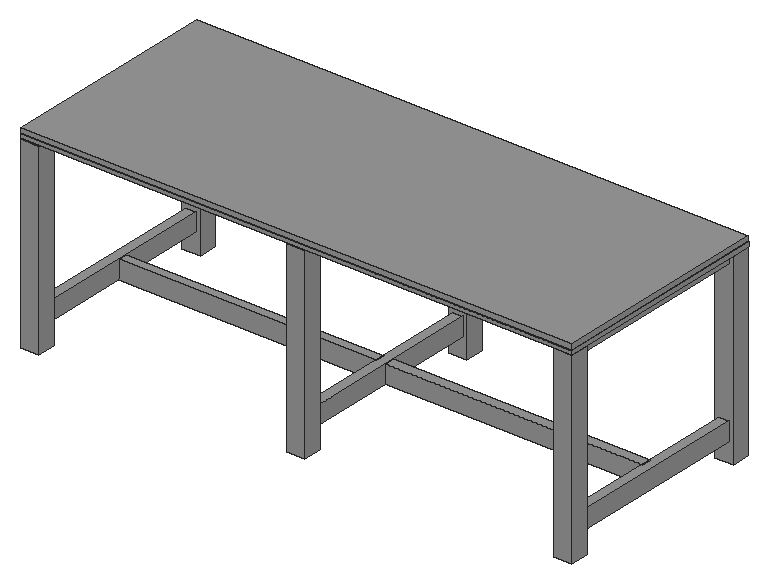
Revit family "GD10 3000-4000  x 1070 High Tables", category Furniture, Revit 2016
Family settings
  OmniClass Number = 23.40.20.00
  OmniClass Title = General Furniture and Specialties
  Work Plane-Based = No
  Always vertical = Yes
  Cut with Voids When Loaded = No
  Shared = No
  Room Calculation Point = No
Parameters (values of type "3000 x 1200 x 1070")
  Width = 3000 mm
  URL = "www.gof.co.uk"
  Table Top = Gresham - SOLID OAK
  Range = "GD10"
  Rails Control [instance] = if(Depth < 1200 mm, 300 mm, (if(Depth > 900 mm, 340 mm, Depth)))  # 340 mm
  Product Code = "GD10H1"
  Manufacturer = "Gresham Office Furniture"  # constant formula
  Height = 1070 mm
  Frame = Gresham - SOLID OAK
  Depth = 1200 mm
  Cross Rails Control [instance] = if(Width < 3999 mm, 488 mm, (if(Width = 4000 mm, 688 mm, 688 mm)))  # 488 mm
  Assembly Code = "E2020200"
  1100 High Bottom Rail = yes
Types (5, lengths in mm): name | Width | Rails Control | Product Code | Depth | Cross Rails Control
  (no name) | 3000 | 340 | "GD10H1" | 1200 | 488
  3000 x 900 x 1070 | 3000 | 300 | "GD10G1" | 900 | 488
  3000 x 1200 x 1070 | 3000 | 340 | "GD10H1" | 1200 | 488
  4000 x 900 x 1070 | 4000 | 300 | "GD10G2" | 900 | 688
  4000 x 1200 x 1070 | 4000 | 340 | "GD10H2" | 1200 | 688
Reference planes
  plane 1 "Center (Front/Back)": y = 0
  plane 2: z = 0
  plane 3 "Center (Left/Right)": x = 0
  plane 4: x = 1500
  plane 5: x = -1500
  plane 6: y = 600
  plane 7: y = -600
  plane 8 "Table Underside": z = 1045
  plane 9 "Height": z = 1070
Forms (mm)
  Extrusion 1, solid, material "Gresham - SOLID OAK" <- "Table Top"
    sketch origin (0, 0, 1045) x (-1, 0, 0) y (0, -1, 0)
      loop
        line (-1500, -600) -> (1500, -600) -> (1500, 600) -> (-1500, 600) -> (-1500, -600)
    from 0 to 25
  Extrusion 2, solid, material "Gresham - SOLID OAK" <- "Frame"
    sketch origin (-377.446, 134.939, -0.834) x (0, 1, 0) y (0, 0, 1)
      loop
        line (75.061, 1045.834) -> (75.061, 970.834) -> (125.061, 970.834) -> (125.061, 1045.834) -> (75.061, 1045.834)
    from -1047.554 to 1802.446
  Extrusion 3, solid, material "Gresham - SOLID OAK" <- "Frame"
    sketch origin (-377.446, -134.939, -0.834) x (0, -1, 0) y (0, 0, -1)
      loop
        line (75.061, -1045.834) -> (125.061, -1045.834) -> (125.061, -970.834) -> (75.061, -970.834) -> (75.061, -1045.834)
    from -1047.554 to 1802.446
  Extrusion 4, solid, material "Gresham - SOLID OAK" <- "Frame"
    sketch origin (910.572, -1.847, 0) x (1, 0, 0) y (0, 1, 0)
      loop
        line (76.428, 576.847) -> (76.428, -573.153) -> (101.428, -573.153) -> (101.428, 576.847) -> (76.428, 576.847)
    from 1020 to 1045
  Extrusion 5, solid, material "Gresham - SOLID OAK" <- "Frame"
    sketch origin (0, 0, 0) x (1, 0, 0) y (0, 1, 0)
      loop
        line (1500, 600) -> (-1500, 600) -> (-1500, -600) -> (1500, -600) -> (1500, 600)
      loop
        line (1475, 575) -> (-1475, 575) -> (-1475, -575) -> (1475, -575) -> (1475, 575)
    from 1020 to 1040
  Extrusion 6, solid, material "Gresham - SOLID OAK" <- "Frame"
    sketch origin (0, 0, 0) x (1, 0, 0) y (0, 1, 0)
      loop
        line (1495, -595) -> (1495, 595) -> (-1495, 595) -> (-1495, -595) -> (1495, -595)
      loop
        line (1475, 575) -> (-1475, 575) -> (-1475, -575) -> (1475, -575) -> (1475, 575)
    from 1020 to 1045
  Extrusion 7, solid, material "Gresham - SOLID OAK" <- "Frame"
    sketch origin (250.572, -1.847, 0) x (1, 0, 0) y (0, 1, 0)
      loop
        line (237.428, 576.847) -> (237.428, -573.153) -> (262.428, -573.153) -> (262.428, 576.847) -> (237.428, 576.847)
    from 1020 to 1045
  Extrusion 8, solid, material "Gresham - SOLID OAK" <- "Frame"
    sketch origin (-910.572, -1.847, 0) x (-1, 0, 0) y (0, -1, 0)
      loop
        line (76.428, -576.847) -> (101.428, -576.847) -> (101.428, 573.153) -> (76.428, 573.153) -> (76.428, -576.847)
    from 1020 to 1045
  Extrusion 9, solid, material "Gresham - SOLID OAK" <- "Frame"
    sketch origin (-250.572, -1.847, 0) x (-1, 0, 0) y (0, -1, 0)
      loop
        line (237.428, -576.847) -> (262.428, -576.847) -> (262.428, 573.153) -> (237.428, 573.153) -> (237.428, -576.847)
    from 1020 to 1045
  Extrusion 10, solid, material "Gresham - SOLID OAK" <- "Frame", visible <- "1100 High Bottom Rail"
    sketch origin (-432.197, -9.939, -0.834) x (0, -1, 0) y (0, 0, -1)
      loop
        line (-34.939, -205.834) -> (15.061, -205.834) -> (15.061, -105.834) -> (-34.939, -105.834) -> (-34.939, -205.834)
    from -992.803 to 407.197
  Extrusion 11, solid, material "Gresham - SOLID OAK" <- "Frame", visible <- "1100 High Bottom Rail"
    sketch origin (432.197, -9.939, -0.834) x (0, -1, 0) y (0, 0, 1)
      loop
        line (-34.939, 205.834) -> (-34.939, 105.834) -> (15.061, 105.834) -> (15.061, 205.834) -> (-34.939, 205.834)
    from -992.803 to 407.197
Dimensions and locks
  equal spacing: plane 5, plane 3 "Center (Left/Right)", plane 4
  "Width": plane 5 to plane 4
  equal spacing: plane 7, plane 1 "Center (Front/Back)", plane 6
  "Depth": plane 7 to plane 6
  "Height": plane 9 "Height" to level
  locked: Extrusion 2 to plane 4 at 75
  locked: plane 5 to Extrusion 2 at 75
  locked: Extrusion 2 to Extrusion 2 at 50
  locked: Extrusion 2 to Extrusion 1 at 75
  locked: Extrusion 3 to Extrusion 3 at 50
  locked: Extrusion 3 to Extrusion 1 at 75
  "Rails Control": Extrusion 2 to plane 6
  "Rails Control": Extrusion 3 to plane 7
  plane 1 "Center (Front/Back)" to Extrusion 2 = 210 mm
  Extrusion 3 to plane 1 "Center (Front/Back)" = 210 mm
  locked: Extrusion 4 to Extrusion 4 at 25  (x2)
  locked: Extrusion 4 to plane 6 at 25
  locked: Extrusion 4 to plane 7 at 25
  nested 2 to Extrusion 5 = 5 mm
  plane 8 "Table Underside" to Extrusion 5 = 5 mm
  Extrusion 6 to plane 4 = 5 mm
  Extrusion 6 to Extrusion 6 = 20 mm  (x3)
  plane 7 to Extrusion 6 = 5 mm
  plane 5 to Extrusion 6 = 5 mm
  locked: plane 8 "Table Underside" to Extrusion 5 at 5
  locked: plane 9 "Height" to plane 8 "Table Underside" at 25
  locked: Extrusion 5 to Extrusion 5 at 20
  Extrusion 6 to nested 2 = 30 mm
  locked: Extrusion 6 to Extrusion 6 at 25
  "Cross Rails Control": Extrusion 4 to plane 4
  locked: Extrusion 7 to Extrusion 7 at 25  (x2)
  "Cross Rails Control": plane 3 "Center (Left/Right)" to Extrusion 7
  locked: Extrusion 8 to Extrusion 8 at 25  (x2)
  locked: Extrusion 9 to Extrusion 9 at 25  (x2)
  "Cross Rails Control": Extrusion 9 to plane 3 "Center (Left/Right)"
  "Cross Rails Control": plane 5 to Extrusion 8
  locked: Extrusion 10 to Extrusion 10 at 50
  locked: Extrusion 11 to Extrusion 11 at 50
  aligned and locked: level to plane 2
  aligned and locked: Extrusion 1 to plane 9 "Height"
  aligned and locked: plane 8 "Table Underside" to Extrusion 1
  aligned and locked: Extrusion 3 to Extrusion 2
  aligned and locked: Extrusion 2 to Extrusion 3
  aligned and locked: nested 2 to plane 8 "Table Underside"  (x2)
  aligned and locked: plane 8 "Table Underside" to Extrusion 6
  aligned and locked: plane 8 "Table Underside" to Extrusion 4
  aligned and locked: plane 8 "Table Underside" to nested 1
  aligned and locked: plane 8 "Table Underside" to Extrusion 7
  aligned and locked: plane 8 "Table Underside" to Extrusion 9
  aligned and locked: plane 8 "Table Underside" to Extrusion 8
  aligned and locked: Extrusion 2 to Extrusion 10
  aligned and locked: Extrusion 10 to nested 3
  aligned and locked: Extrusion 11 to nested 3
  aligned and locked: Extrusion 11 to Extrusion 2
Automatic sketch dimensions
  Extrusion 1 sketch curve to plane 4 = 0 mm
  Extrusion 1 sketch curve to plane 5 = 0 mm
  plane 6 to Extrusion 1 sketch curve = 0 mm
  plane 7 to Extrusion 1 sketch curve = 0 mm
  Extrusion 2 sketch curve to plane 8 "Table Underside" = 0 mm
  Extrusion 2 sketch curve to plane 1 "Center (Front/Back)" = 210 mm
  Extrusion 2 sketch curve to Extrusion 2 sketch curve = 50 mm
  Extrusion 2 sketch curve to Extrusion 2 sketch curve = 75 mm
  Extrusion 3 sketch curve to plane 8 "Table Underside" = 0 mm
  plane 1 "Center (Front/Back)" to Extrusion 3 sketch curve = 210 mm
  Extrusion 3 sketch curve to Extrusion 3 sketch curve = 50 mm
  Extrusion 3 sketch curve to Extrusion 3 sketch curve = 75 mm
  plane 7 to Extrusion 4 sketch curve = 25 mm
  Extrusion 4 sketch curve to plane 4 = 513 mm
  Extrusion 4 sketch curve to Extrusion 4 sketch curve = 25 mm
  plane 6 to Extrusion 4 sketch curve = 25 mm
  Extrusion 5 sketch curve to plane 5 = 0 mm
  Extrusion 5 sketch curve to plane 4 = 0 mm
  Extrusion 5 sketch curve to plane 7 = 0 mm
  plane 6 to Extrusion 5 sketch curve = 0 mm
  plane 5 to Extrusion 5 sketch curve = 25 mm
  Extrusion 5 sketch curve to plane 4 = 25 mm
  plane 7 to Extrusion 5 sketch curve = 25 mm
  plane 6 to Extrusion 5 sketch curve = 25 mm
  plane 5 to Extrusion 6 sketch curve = 5 mm
  plane 5 to Extrusion 6 sketch curve = 25 mm
  Extrusion 6 sketch curve to plane 4 = 25 mm
  Extrusion 6 sketch curve to plane 4 = 5 mm
  plane 7 to Extrusion 6 sketch curve = 5 mm
  plane 7 to Extrusion 6 sketch curve = 25 mm
  plane 6 to Extrusion 6 sketch curve = 25 mm
  plane 6 to Extrusion 6 sketch curve = 5 mm
  plane 7 to Extrusion 7 sketch curve = 25 mm
  plane 3 "Center (Left/Right)" to Extrusion 7 sketch curve = 488 mm
  Extrusion 7 sketch curve to Extrusion 7 sketch curve = 25 mm
  plane 6 to Extrusion 7 sketch curve = 25 mm
  Extrusion 8 sketch curve to plane 7 = 25 mm
  Extrusion 8 sketch curve to plane 5 = 513 mm
  Extrusion 8 sketch curve to Extrusion 8 sketch curve = 25 mm
  Extrusion 8 sketch curve to plane 6 = 25 mm
  Extrusion 9 sketch curve to plane 7 = 25 mm
  plane 3 "Center (Left/Right)" to Extrusion 9 sketch curve = 488 mm
  Extrusion 9 sketch curve to Extrusion 9 sketch curve = 25 mm
  Extrusion 9 sketch curve to plane 6 = 25 mm
  Extrusion 10 sketch curve to plane 1 "Center (Front/Back)" = 25 mm
  plane 1 "Center (Front/Back)" to Extrusion 10 sketch curve = 25 mm
  level to Extrusion 10 sketch curve = 205 mm
  Extrusion 10 sketch curve to Extrusion 10 sketch curve = 100 mm
  Extrusion 11 sketch curve to plane 1 "Center (Front/Back)" = 25 mm
  plane 1 "Center (Front/Back)" to Extrusion 11 sketch curve = 25 mm
  level to Extrusion 11 sketch curve = 105 mm
  Extrusion 11 sketch curve to Extrusion 11 sketch curve = 100 mm
Nested families
  nested 1: "GD10 Legs" at (0, 0, 0), type "GD10 Legs"
    with Width 3000 mm, Height 1070 mm, Depth 1200 mm
  nested 2: "GD10 Legs" at (0, 0, 0) x (-1, 0, 0) z (0, 0, 1), type "GD10 Legs"
    with Width 3000 mm, Height 1070 mm, Depth 1200 mm
  nested 3: "GD10 Central Leg" at (0, 0, 0), type "GD10 Central Leg"
    with Width 3000 mm, Depth 1200 mm
Definition of nested family "GD10 Legs"
  Parameters (values of type "GD10 Legs")
    Width = 1600 mm
    URL = "www.gof.co.uk"
    Table Top = none
    Range = "GD10"
    Product Code = ""
    Metal Plate = none
    Manufacturer = "Gresham Office Furniture"  # constant formula
    Height = 1000 mm
    Frame = none
    Depth = 900 mm
    Assembly Code = "E2020200"
  Reference planes
    plane 1 "Center (Front/Back)": y = 0
    plane 2: z = 0
    plane 3 "Center (Left/Right)": x = 0
    plane 4: x = 800
    plane 5: x = -800
    plane 6: y = 450
    plane 7: y = -450
    plane 8 "Table Underside": z = 975
    plane 9 "Height": z = 1000
    plane 10: z = 945
  Forms (mm)
    Extrusion 1, solid, material <- "Frame"
      sketch origin (0, -5, 0) x (1, 0, 0) y (0, 1, 0)
        loop
          line (800, 455) -> (700, 455) -> (700, 355) -> (800, 355) -> (800, 455)
      from 0 to 945
    Extrusion 2, solid, material <- "Frame"
      sketch origin (0, -2.338, 945) x (1, 0, 0) y (0, 1, 0)
        loop
          line (700, 352.338) -> (795, 352.338) -> (795, 447.338) -> (700, 447.338) -> (700, 352.338)
      from 0 to 5
    Extrusion 3, solid, material <- "Frame"
      sketch origin (0, -2.338, 950) x (1, 0, 0) y (0, 1, 0)
        loop
          line (700, 352.338) -> (775, 352.338) -> (775, 427.338) -> (700, 427.338) -> (700, 352.338)
      from 0 to 19
    Extrusion 4, solid, material <- "Frame"
      sketch origin (0, 5, 0) x (1, 0, 0) y (0, 1, 0)
        loop
          line (800, -455) -> (800, -355) -> (700, -355) -> (700, -455) -> (800, -455)
      from 0 to 945
    Extrusion 5, solid, material <- "Frame"
      sketch origin (0, 2.338, 945) x (1, 0, 0) y (0, 1, 0)
        loop
          line (700, -352.338) -> (700, -447.338) -> (795, -447.338) -> (795, -352.338) -> (700, -352.338)
      from 0 to 5
    Extrusion 6, solid, material <- "Frame"
      sketch origin (0, 2.338, 950) x (1, 0, 0) y (0, 1, 0)
        loop
          line (700, -352.338) -> (700, -427.338) -> (775, -427.338) -> (775, -352.338) -> (700, -352.338)
      from 0 to 19
    Extrusion 7, solid, material <- "Metal Plate"
      sketch origin (-45, 2.338, 969) x (1, 0, 0) y (0, 1, 0)
        loop
          line (700, -307.182) -> (700, -427.338) -> (820, -427.338) -> (820, -307.182) -> (700, -307.182)
      from 0 to 6
    Extrusion 8, solid, material <- "Frame"
      sketch origin (825, 350, 105) x (0, 0, 1) y (0, -1, 0)
        loop
          line (0, 0) -> (100, 0) -> (100, 700) -> (0, 700) -> (0, 0)
        loop
          line (795, 0) -> (864, 0) -> (864, 45.156) -> (870, 45.156) -> (870, 654.844) -> (864, 654.844) -> (864, 700) -> (795, 700) -> (795, 0)
      from -100 to -50
    Extrusion 9, solid, material <- "Metal Plate"
      sketch origin (0, 0, 0) x (1, 0, 0) y (0, 1, 0)
        loop
          line (775, 425) -> (655, 425) -> (655, 304.844) -> (775, 304.844) -> (775, 425)
      from 969 to 975
  Cuts and joins
    joined: Extrusion 1, Extrusion 2
  Dimensions and locks
    equal spacing: plane 5, plane 3 "Center (Left/Right)", plane 4
    "Width": plane 5 to plane 4
    equal spacing: plane 7, plane 1 "Center (Front/Back)", plane 6
    "Depth": plane 7 to plane 6
    "Height": plane 9 "Height" to level
    cut or joined group of Extrusion 1, Extrusion 2 to cut or joined group of Extrusion 1, Extrusion 2 = 100 mm  (x2)
    Extrusion 4 to Extrusion 4 = 100 mm  (x2)
    plane 9 "Height" to plane 8 "Table Underside" to plane 10 = 25 mm locked, 30 mm locked
    locked: Extrusion 8 to plane 4 at 25
    locked: Extrusion 8 to Extrusion 8 at 50
    locked: Extrusion 9 to Extrusion 9 at 6
    locked: Extrusion 7 to Extrusion 7 at 6
    locked: Extrusion 8 to level at 105
    aligned and locked: level to plane 2
    aligned and locked: plane 8 "Table Underside" to Extrusion 8
    aligned and locked: cut or joined group of Extrusion 1, Extrusion 2 to Extrusion 4
    aligned and locked: Extrusion 4 to plane 10
    aligned and locked: Extrusion 9 to Extrusion 3
  Automatic sketch dimensions
    plane 6 to Extrusion 1 sketch curve = 0 mm
    Extrusion 1 sketch curve to plane 4 = 0 mm
    Extrusion 1 sketch curve to plane 4 = 100 mm
    Extrusion 1 sketch curve to Extrusion 1 sketch curve = 100 mm
    Extrusion 2 sketch curve to Extrusion 1 = 0 mm
    Extrusion 1 to Extrusion 2 sketch curve = 0 mm
    Extrusion 2 sketch curve to Extrusion 1 = 5 mm  (x2)
    Extrusion 3 sketch curve to Extrusion 2 = 0 mm
    Extrusion 2 to Extrusion 3 sketch curve = 0 mm
    Extrusion 3 sketch curve to Extrusion 2 = 20 mm  (x2)
    Extrusion 4 sketch curve to plane 7 = 0 mm
    Extrusion 4 sketch curve to plane 4 = 0 mm
    plane 4 to Extrusion 4 sketch curve = 100 mm
    Extrusion 4 sketch curve to Extrusion 4 sketch curve = 100 mm
    Extrusion 5 sketch curve to Extrusion 4 = 0 mm  (x2)
    Extrusion 4 to Extrusion 5 sketch curve = 5 mm  (x2)
    Extrusion 6 sketch curve to Extrusion 5 = 0 mm  (x2)
    Extrusion 5 to Extrusion 6 sketch curve = 20 mm  (x2)
    Extrusion 8 sketch curve to plane 8 "Table Underside" = 0 mm
    Extrusion 8 sketch curve to plane 8 "Table Underside" = 6 mm  (x2)
    plane 10 to Extrusion 8 sketch curve = 45 mm
    plane 6 to Extrusion 8 sketch curve = 100 mm  (x2)
    level to Extrusion 8 sketch curve = 205 mm
    Extrusion 8 sketch curve to Extrusion 8 sketch curve = 100 mm
    Extrusion 8 sketch curve to Extrusion 8 sketch curve = 45.156 mm  (x2)
    plane 7 to Extrusion 8 sketch curve = 145.156 mm
    plane 7 to Extrusion 8 sketch curve = 100 mm
    Extrusion 7 sketch curve to Extrusion 6 = 0 mm  (x2)
    Extrusion 7 sketch curve to Extrusion 6 = 45 mm
    Extrusion 7 sketch curve to Extrusion 6 = 45.156 mm
    plane 6 to Extrusion 9 sketch curve = 25 mm
    Extrusion 9 sketch curve to plane 4 = 145 mm
    Extrusion 9 sketch curve to plane 4 = 25 mm
    Extrusion 9 sketch curve to Extrusion 9 sketch curve = 120.156 mm
Definition of nested family "GD10 Central Leg"
  Parameters (values of type "GD10 Central Leg")
    Width = 1600 mm
    URL = "www.gof.co.uk"
    Range = "GD10"
    Product Code = ""
    Metal Plate = none
    Manufacturer = "Gresham Office Furniture"  # constant formula
    Height = 1070 mm
    Frame = none
    Depth = 900 mm
    Assembly Code = "E2020200"
  Reference planes
    plane 1 "Center (Front/Back)": y = 0
    plane 2: z = 0
    plane 3 "Center (Left/Right)": x = 0
    plane 4: x = 800
    plane 5: x = -800
    plane 6: y = 450
    plane 7: y = -450
    plane 8 "Table Underside": z = 1045
    plane 9 "Height": z = 1070
    plane 10: z = 1015
  Forms (mm)
    Extrusion 1, solid, material <- "Frame"
      sketch origin (-750, -5, 0) x (1, 0, 0) y (0, 1, 0)
        loop
          line (800, 455) -> (700, 455) -> (700, 355) -> (800, 355) -> (800, 455)
      from 0 to 1015
    Extrusion 2, solid, material <- "Frame"
      sketch origin (-750, -2.338, 1015) x (1, 0, 0) y (0, 1, 0)
        loop
          line (700, 352.338) -> (800, 352.338) -> (800, 447.338) -> (700, 447.338) -> (700, 352.338)
      from 0 to 5
    Extrusion 3, solid, material <- "Frame"
      sketch origin (-750, -2.338, 1020) x (1, 0, 0) y (0, 1, 0)
        loop
          line (700, 352.338) -> (800, 352.338) -> (800, 427.338) -> (700, 427.338) -> (700, 352.338)
      from 0 to 19
    Extrusion 4, solid, material <- "Frame"
      sketch origin (-750, 5, 0) x (1, 0, 0) y (0, 1, 0)
        loop
          line (800, -455) -> (800, -355) -> (700, -355) -> (700, -455) -> (800, -455)
      from 0 to 1015
    Extrusion 5, solid, material <- "Frame"
      sketch origin (-750, 2.338, 1015) x (1, 0, 0) y (0, 1, 0)
        loop
          line (700, -352.338) -> (700, -447.338) -> (800, -447.338) -> (800, -352.338) -> (700, -352.338)
      from 0 to 5
    Extrusion 6, solid, material <- "Frame"
      sketch origin (-750, 2.338, 1020) x (1, 0, 0) y (0, 1, 0)
        loop
          line (700, -352.338) -> (700, -427.338) -> (800, -427.338) -> (800, -352.338) -> (700, -352.338)
      from 0 to 19
    Extrusion 7, solid, material <- "Frame"
      sketch origin (75, 350, 105) x (0, 0, 1) y (0, -1, 0)
        loop
          line (0, 0) -> (100, 0) -> (100, 700) -> (0, 700) -> (0, 0)
        loop
          line (865, 0) -> (934, 0) -> (934, 45.156) -> (940, 45.156) -> (940, 654.844) -> (934, 654.844) -> (934, 700) -> (865, 700) -> (865, 0)
      from -100 to -50
    Extrusion 8, solid, material <- "Metal Plate"
      sketch origin (-750, 0.156, 0) x (1, 0, 0) y (0, 1, 0)
        loop
          line (845, 425) -> (655, 425) -> (655, 304.844) -> (845, 304.844) -> (845, 425)
      from 1039 to 1045
    Extrusion 9, solid, material <- "Metal Plate"
      sketch origin (-750, 0, 0) x (1, 0, 0) y (0, 1, 0)
        loop
          line (845, -425) -> (845, -304.844) -> (655, -304.844) -> (655, -425) -> (845, -425)
      from 1039 to 1045
  Cuts and joins
    joined: Extrusion 1, Extrusion 2
  Dimensions and locks
    equal spacing: plane 5, plane 3 "Center (Left/Right)", plane 4
    "Width": plane 5 to plane 4
    equal spacing: plane 7, plane 1 "Center (Front/Back)", plane 6
    "Depth": plane 7 to plane 6
    "Height": plane 9 "Height" to level
    cut or joined group of Extrusion 1, Extrusion 2 to cut or joined group of Extrusion 1, Extrusion 2 = 100 mm  (x2)
    Extrusion 4 to Extrusion 4 = 100 mm  (x2)
    plane 9 "Height" to plane 8 "Table Underside" to plane 10 = 25 mm locked, 30 mm locked
    locked: Extrusion 7 to Extrusion 7 at 50
    locked: Extrusion 8 to Extrusion 8 at 6
    locked: Extrusion 7 to level at 105
    locked: Extrusion 9 to Extrusion 9 at 6
    aligned and locked: level to plane 2
    aligned and locked: plane 8 "Table Underside" to Extrusion 7
    aligned and locked: cut or joined group of Extrusion 1, Extrusion 2 to Extrusion 4
    aligned and locked: Extrusion 4 to plane 10
    aligned and locked: Extrusion 8 to Extrusion 3
    aligned and locked: plane 8 "Table Underside" to Extrusion 9
    aligned and locked: plane 8 "Table Underside" to Extrusion 8
  Automatic sketch dimensions
    plane 6 to Extrusion 1 sketch curve = 0 mm
    Extrusion 1 sketch curve to plane 3 "Center (Left/Right)" = 50 mm
    plane 3 "Center (Left/Right)" to Extrusion 1 sketch curve = 50 mm
    Extrusion 1 sketch curve to Extrusion 1 sketch curve = 100 mm
    Extrusion 2 sketch curve to Extrusion 1 = 0 mm  (x2)
    Extrusion 1 to Extrusion 2 sketch curve = 0 mm
    Extrusion 2 sketch curve to Extrusion 1 = 5 mm
    Extrusion 3 sketch curve to Extrusion 2 = 0 mm  (x2)
    Extrusion 2 to Extrusion 3 sketch curve = 0 mm
    Extrusion 3 sketch curve to Extrusion 2 = 20 mm
    Extrusion 4 sketch curve to plane 7 = 0 mm
    plane 3 "Center (Left/Right)" to Extrusion 4 sketch curve = 50 mm
    Extrusion 4 sketch curve to plane 3 "Center (Left/Right)" = 50 mm
    Extrusion 4 sketch curve to Extrusion 4 sketch curve = 100 mm
    Extrusion 5 sketch curve to Extrusion 4 = 0 mm  (x2)
    Extrusion 4 to Extrusion 5 sketch curve = 0 mm
    Extrusion 4 to Extrusion 5 sketch curve = 5 mm
    Extrusion 6 sketch curve to Extrusion 5 = 0 mm  (x2)
    Extrusion 5 to Extrusion 6 sketch curve = 0 mm
    Extrusion 5 to Extrusion 6 sketch curve = 20 mm
    Extrusion 7 sketch curve to plane 8 "Table Underside" = 0 mm
    Extrusion 7 sketch curve to plane 8 "Table Underside" = 6 mm  (x2)
    plane 10 to Extrusion 7 sketch curve = 45 mm
    plane 6 to Extrusion 7 sketch curve = 100 mm  (x2)
    level to Extrusion 7 sketch curve = 205 mm
    Extrusion 7 sketch curve to Extrusion 7 sketch curve = 100 mm
    Extrusion 7 sketch curve to Extrusion 7 sketch curve = 45.156 mm  (x2)
    plane 7 to Extrusion 7 sketch curve = 145.156 mm
    plane 7 to Extrusion 7 sketch curve = 100 mm
    plane 6 to Extrusion 8 sketch curve = 24.844 mm
    Extrusion 8 sketch curve to plane 3 "Center (Left/Right)" = 95 mm
    plane 3 "Center (Left/Right)" to Extrusion 8 sketch curve = 95 mm
    Extrusion 8 sketch curve to Extrusion 8 sketch curve = 120.156 mm
    Extrusion 9 sketch curve to plane 7 = 25 mm
    plane 3 "Center (Left/Right)" to Extrusion 9 sketch curve = 95 mm
    Extrusion 9 sketch curve to plane 3 "Center (Left/Right)" = 95 mm
    Extrusion 9 sketch curve to Extrusion 9 sketch curve = 120.156 mm
